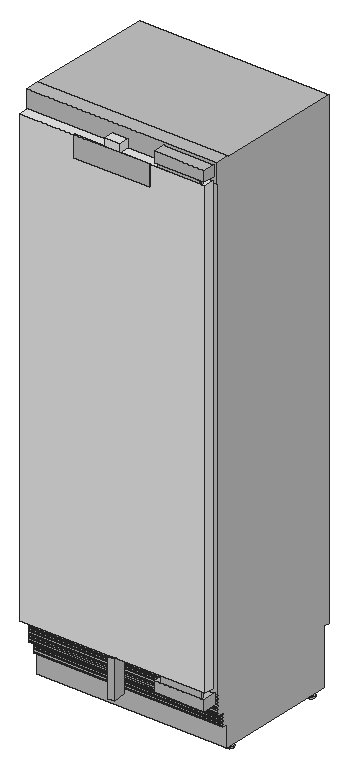
Revit family "FP_Revit_18_RS3084SR1_Fridge_90001078A", category Specialty Equipment, Revit 2018
Family settings
  Round Connector Dimension = Use Diameter
  Part Type = Normal
  OmniClass Number = 23.40.40.11.11
  OmniClass Title = Refrigerators and Freezers
  Work Plane-Based = No
  Always vertical = Yes
  Cut with Voids When Loaded = Yes
  Shared = No
  Room Calculation Point = No
Parameters (values of type "RS3084SRK1")
  Visibility - Water Connection = no
  Visibility - Visibility Control Note = yes
  Visibility - Clearance Required = yes
  URL = "www.fisherpaykel.com"
  Stainless Steel Door Panels (RD3484R4D) = no
  Product - Width = 756 mm  # constant formula
  Product - Height = 2134 mm  # constant formula
  Product - Depth (exl front panel) = 610 mm  # constant formula
  Model = "RS3084SRK1"
  Material - Handle = Fisher & Paykel - Aluminium
  Material - Door Structure = Fisher & Paykel - White
  Material - Door Front = Fisher & Paykel - Stainless Steel
  Material - Body = Fisher & Paykel - Grey
  Manufacturer = "Fisher & Paykel Appliances"
  Handle Style - Professional Square (AHV2-RD84) = no
  Handle Style - Professional Round (AHC-RD84) = no
  Handle Style - Contemporary Square (AHD3-RD84) = no
  Handle Style - Contemporary Round (AHS-RD84) = no
  Description = "30\" Integrated Column Refrigerator, stainless steel interior"
  Connector Description - Water = "Water Supply not required"
  Connector Description - Electrical = "120 V, 10 amp fused electrical supply"
  Cavity - Width = 762 mm  # constant formula
  Cavity - Height = 2134 mm  # constant formula
  Cavity - Depth = 635 mm  # constant formula
Types (4, lengths in mm): name | Visibility - Water Connection | Model | Description | Connector Description - Water
  (no name) | no | "RS3084SRK1" | "30\" Integrated Column Refrigerator, stainless steel interior" | "Water Supply not required"
  RS3084SRK1 | no | "RS3084SRK1" | "30\" Integrated Column Refrigerator, stainless steel interior" | "Water Supply not required"
  RS3084SRHK1 | yes | "RS3084SRHK1" | "30\" Integrated Column Refrigerator with internal water, stainless steel interior" | "1/4\" (6mm) comp. stainless steel braided hose"
  RS3084SR1 | no | "RS3084SR1" | "30\" Integrated Column Refrigerator, white interior" | "Water Supply not required"
Reference planes
  plane 1 "Datum": y = 0
  plane 2: z = 0
  plane 3 "Center (Left/Right)": x = 0
  plane 4 "Product LHS": x = -378
  plane 5 "Product RHS": x = 378
  plane 6 "Product - Depth": y = 610
  plane 7 "Cavity LHS": x = -381
  plane 8 "Cavity RHS": x = 381
  plane 9 "Cavity - Depth": y = 612.9
  plane 10 "Handle Offset": x = -315
  plane 11 "Product Height": z = 2134
  plane 12 "Cavity Height": z = 2134
  plane 13 "Door Panel Datum": y = -4.1
Forms (mm)
  Extrusion 1, solid, material "Fisher & Paykel - Grey" <- "Material - Body", detail levels fine
    sketch origin (0, 0, 0) x (0, 1, 0) y (0, 0, 1)
      loop
        line (100.1, 19.1) -> (587.9, 19.1) -> (587.9, 239.7) -> (610, 239.7) -> (610, 2131.9) -> (105.1, 2131.9) -> (105.1, 2134) -> (49.9, 2134) -> (49.9, 2059) -> (56, 2059) -> (56, 228.6) -> (59.5, 228.6) -> (59.5, 219.7) -> (56.5, 219.7) -> (56.5, 215.9) -> (59.5, 215.9) -> (59.5, 207) -> (56.5, 207) -> (56.5, 203.2) -> (59.5, 203.2) -> (59.5, 194.3) -> (56.5, 194.3) -> (56.5, 190.5) -> (59.5, 190.5) -> (59.5, 181.6) -> (56.5, 181.6) -> (56.5, 177.8) -> (59.5, 177.8) -> (59.5, 168.9) -> (56.5, 168.9) -> (56.5, 165.1) -> (59.5, 165.1) -> (59.5, 156.2) -> (56.5, 156.2) -> (56.5, 152.4) -> (84.1, 152.4) -> (84.1, 143.5) -> (81.1, 143.5) -> (81.1, 139.7) -> (84.1, 139.7) -> (84.1, 130.8) -> (81.1, 130.8) -> (81.1, 127) -> (84.1, 127) -> (84.1, 118.1) -> (81.1, 118.1) -> (81.1, 114.3) -> (84.1, 114.3) -> (84.1, 105.4) -> (81.1, 105.4) -> (81.1, 101.6) -> (100.1, 101.6) -> (100.1, 19.1)
    from -378 to 378
  Extrusion 2, solid, material "Fisher & Paykel - Grey" <- "Material - Body"
    sketch origin (0, 0, 0) x (1, 0, 0) y (0, 1, 0)
      loop
        circle (-357.5, 547.8) r 4.1
      loop
        circle (-357.5, 141.8) r 4.1
      loop
        circle (357.5, 547.8) r 4.1
      loop
        circle (357.5, 141.8) r 4.1
    from 3 to 19.1
  Extrusion 3, solid, material "Fisher & Paykel - Grey" <- "Material - Body"
    sketch origin (0, 0, 0) x (1, 0, 0) y (0, 1, 0)
      loop
        circle (-357.5, 547.8) r 14.5
      loop
        circle (-357.5, 141.8) r 14.555
      loop
        circle (357.5, 547.8) r 14.5
      loop
        circle (357.5, 141.8) r 14.555
    from 0 to 3
  Extrusion 4, solid, material "Fisher & Paykel - Grey" <- "Material - Body", detail levels fine
    sketch origin (0, 0, 0) x (1, 0, 0) y (0, 1, 0)
      loop
        line (-7.5, 49) -> (-13.797, -4.1) -> (13.797, -4.1) -> (7.5, 49) -> (-7.5, 49)
    from 104.2 to 254.2
  Extrusion 5, solid, material "Fisher & Paykel - Grey" <- "Material - Body", detail levels fine
    sketch origin (0, 0, 0) x (0, 1, 0) y (0, 0, 1)
      loop
        line (0, 2070.6) -> (0, 1988.6) -> (2, 1988.6) -> (2, 2068.6) -> (4, 2068.6) -> (4, 2070.6) -> (0, 2070.6)
    from -150 to 150
  Extrusion 6, solid, material "Fisher & Paykel - Grey" <- "Material - Body"
    sketch origin (0, 0, 0) x (1, 0, 0) y (0, 0, 1)
      loop
        circle (303, 119.813) r 5
      loop
        circle (-303, 119.813) r 5
    from -590 to -587.9
  Extrusion 7, solid, material "Fisher & Paykel - White" <- "Material - Door Structure"
    sketch origin (0, 0, 0) x (1, 0, 0) y (0, 1, 0)
      loop
        line (-353, 56) -> (-353, 42) -> (353, 42) -> (353, 56) -> (-353, 56)
    from 269.6 to 2030.7
  Extrusion 8, solid, material "Fisher & Paykel - White" <- "Material - Door Structure"
    sketch origin (0, 0, 0) x (1, 0, 0) y (0, 1, 0)
      loop
        line (-369.4, 42) -> (-369.4, 3) -> (369.4, 3) -> (369.4, 42) -> (-369.4, 42)
    from 254.2 to 2068.6
  Extrusion 9, solid, material "Fisher & Paykel - White" <- "Material - Door Structure", detail levels fine
    sketch origin (0, 0, 0) x (1, 0, 0) y (0, 0, 1)
      loop
        line (-29.5, 2100.1) -> (-29.5, 2068.6) -> (29.5, 2068.6) -> (29.5, 2100.1) -> (-29.5, 2100.1)
    from -42 to -3
  Extrusion 10, solid, material "Fisher & Paykel - Stainless Steel" <- "Material - Door Front", visible <- "Stainless Steel Door Panels (RD3484R4D)"
    sketch origin (0, 0, 0) x (0, 1, 0) y (0, 0, 1)
      loop
        line (-22.1, 2130.8) -> (-22.1, 102) -> (-4.1, 102) -> (-4.1, 2130.8) -> (-22.1, 2130.8)
    from -378 to 378
  Extrusion 11, solid, material "Fisher & Paykel - Grey" <- "Material - Body", detail levels coarse+medium
    sketch origin (0, 0, 0) x (0, 1, 0) y (0, 0, 1)
      loop
        line (49.9, 2134) -> (49.9, 2059) -> (56, 2059) -> (56, 152.4) -> (81.1, 152.4) -> (81.1, 101.6) -> (100.1, 101.6) -> (100.1, 19.1) -> (587.9, 19.1) -> (587.9, 239.7) -> (610, 239.7) -> (610, 2134) -> (49.9, 2134)
    from -378 to 378
  Extrusion 12, solid, material "Fisher & Paykel - Grey" <- "Material - Body", detail levels fine
    sketch origin (0, 0, -4) x (0, 1, 0) y (0, 0, 1)
      loop
        arc (163.888, 23.1) -> (180.4, 13.63) -> (196.912, 23.1) r 19.13
        line (196.912, 23.1) -> (163.888, 23.1)
      loop
        arc (493.888, 23.1) -> (510.4, 13.63) -> (526.912, 23.1) r 19.13
        line (526.912, 23.1) -> (493.888, 23.1)
    from 191 to 219
  Extrusion 13, solid, material "Fisher & Paykel - Grey" <- "Material - Body", detail levels fine
    sketch origin (0, 0, -4) x (0, 1, 0) y (0, 0, -1)
      loop
        line (163.888, -23.1) -> (196.912, -23.1)
        arc (196.912, -23.1) -> (180.4, -13.63) -> (163.888, -23.1) r 19.13
      loop
        line (493.888, -23.1) -> (526.912, -23.1)
        arc (526.912, -23.1) -> (510.4, -13.63) -> (493.888, -23.1) r 19.13
    from 191 to 219
  Extrusion 14, solid, material "Fisher & Paykel - Clearance Required", visible <- "Visibility - Clearance Required", detail levels coarse
    sketch origin (0, 0, 0) x (1, 0, 0) y (0, 1, 0)
      loop
        line (-381, 612.9) -> (-381, -4.1) -> (381, -4.1) -> (381, 612.9) -> (-381, 612.9)
    from 0 to 2134
  Extrusion 15, void
    sketch origin (0, 0, 0) x (1, 0, 0) y (0, 1, 0)
      loop
        line (-381, 612.9) -> (-381, -22.1) -> (381, -22.1) -> (381, 612.9) -> (-381, 612.9)
    from 0 to 2134
  Extrusion 16, solid, material "Fisher & Paykel - Grey" <- "Material - Body", detail levels fine
    sketch origin (73, 0, 0) x (1, 0, 0) y (0, 0, 1)
      loop
        line (118.4, 254.2) -> (118.4, 229.75) -> (282.9, 229.75) -> (282.9, 254.2) -> (118.4, 254.2)
      loop
        line (106, 2081.05) -> (106, 2068.6) -> (282.9, 2068.6) -> (282.9, 2076.05) -> (242.9, 2081.05) -> (106, 2081.05)
    from -7 to -4
  Extrusion 17, solid, material "Fisher & Paykel - Clearance Required", visible <- "Visibility - Clearance Required", detail levels coarse
    sketch origin (0, 0, 0) x (1, 0, 0) y (0, 1, 0)
      loop
        line (-328.5, -22.1) -> (-378, -22.1)
        arc (-378, -22.1) -> (-22.015, -691.951) -> (734.604, -746.289) r 783.517
        line (734.604, -746.289) -> (712.602, -698.95) -> (738.875, -686.699)
        arc (738.875, -686.699) -> (747.815, -662.136) -> (723.252, -653.196) r 18.483
        line (723.252, -653.196) -> (697.006, -665.395) -> (415.915, -60.616)
        arc (415.915, -60.616) -> (380.992, -57.074) -> (378, -22.1) r 27.5
        line (378, -22.1) -> (-328.5, -22.1)
    from 0 to 2134
  Extrusion 18, solid, material "Fisher & Paykel - Grey" <- "Material - Body", detail levels fine
    sketch origin (0, 0, 0) x (1, 0, 0) y (0, 0, 1)
      loop
        line (366.4, 2123.15) -> (168.42, 2123.15) -> (168.42, 2081.05) -> (366.4, 2081.05) -> (366.4, 2123.15)
    from -49 to -2.5
  Extrusion 19, solid, material "Fisher & Paykel - Grey" <- "Material - Body", detail levels fine
    sketch origin (0, 0, 0) x (1, 0, 0) y (0, 0, 1)
      loop
        line (366.4, 187.65) -> (366.4, 229.75) -> (168.42, 229.75) -> (168.42, 187.65) -> (366.4, 187.65)
    from -56 to -2.5
Lines and regions (mm)
  model lines, style "Fisher & Paykel"
    curve 1: line (-378, -4.1, 2130.8) -> (378, -4.1, 2130.8)
    curve 2: line (-378, -4.1, 102) -> (-378, -4.1, 2130.8)
    curve 3: line (378, -4.1, 102) -> (-378, -4.1, 102)
    curve 4: line (378, -4.1, 2130.8) -> (378, -4.1, 102)
Text (mm)
  text "Due to ongoing product development, product details are subject to change without notice. \nPlease always refer to www.fisherpaykel.com for the most current product information. \n© Fisher & Paykel 2020" at (41.04, -848.295, 0), in view "Ref. Level (Plan)"
Dimensions and locks
  equal spacing: plane 4 "Product LHS", plane 3 "Center (Left/Right)", plane 5 "Product RHS"
  "Product - Width": plane 4 "Product LHS" to plane 5 "Product RHS"
  "Product - Depth (exl front panel)": plane 1 "Datum" to plane 6 "Product - Depth"
  equal spacing: plane 7 "Cavity LHS", plane 3 "Center (Left/Right)", plane 8 "Cavity RHS"
  "Cavity - Width": plane 7 "Cavity LHS" to plane 8 "Cavity RHS"
  plane 4 "Product LHS" to Extrusion 2 sketch curve = 24.6 mm
  plane 4 "Product LHS" to plane 10 "Handle Offset" = 63 mm
  Extrusion 6 sketch curve to Extrusion 1 = 119.887 mm  (x2)
  Extrusion 6 sketch curve to plane 5 "Product RHS" = 75 mm
  plane 4 "Product LHS" to Extrusion 6 sketch curve = 75 mm
  Extrusion 1 sketch curve to Extrusion 1 sketch curve = 82.5 mm
  Extrusion 1 sketch curve to Extrusion 1 sketch curve = 209.5 mm
  Extrusion 1 sketch curve to Extrusion 1 sketch curve = 220.6 mm
  Extrusion 3 to level = 3 mm
  Extrusion 11 to Extrusion 8 = 235.1 mm
  Extrusion 11 to Extrusion 7 = 250.5 mm
  Extrusion 11 to Extrusion 11 = 2114.9 mm
  Extrusion 11 to Extrusion 10 = 82.9 mm
  "Product - Height": level to plane 11 "Product Height"
  plane 11 "Product Height" to Extrusion 10 = 3.2 mm
  Extrusion 8 to plane 11 "Product Height" = 65.4 mm
  Extrusion 7 to plane 11 "Product Height" = 103.3 mm
  Extrusion 11 sketch curve to plane 11 "Product Height" = 75 mm
  Extrusion 1 sketch curve to plane 11 "Product Height" = 2.1 mm
  Extrusion 1 sketch curve to plane 11 "Product Height" = 75 mm
  "Cavity - Height": plane 12 "Cavity Height" to level
  plane 1 "Datum" to Extrusion 14 = 612.9 mm
  plane 1 "Datum" to Extrusion 15 = 612.9 mm
  Extrusion 16 sketch curve to Extrusion 16 sketch curve = 40 mm
  Extrusion 16 sketch curve to plane 3 "Center (Left/Right)" = 179 mm
  Extrusion 16 sketch curve to Extrusion 16 sketch curve = 176.9 mm
  Extrusion 16 sketch curve to plane 3 "Center (Left/Right)" = 191.4 mm
  plane 3 "Center (Left/Right)" to Extrusion 16 sketch curve = 355.9 mm
  Extrusion 17 to plane 1 "Datum" = 22.1 mm
  "Cavity - Depth": plane 9 "Cavity - Depth" to Extrusion 17
  radius of Extrusion 6 sketch curve = 5 mm
  aligned and locked: level to plane 2
  aligned and locked: Extrusion 10 to plane 5 "Product RHS"
  aligned and locked: plane 4 "Product LHS" to Extrusion 10
  aligned and locked: Extrusion 11 to plane 5 "Product RHS"
  aligned and locked: Extrusion 11 to plane 4 "Product LHS"
  aligned and locked: Extrusion 11 sketch curve to plane 11 "Product Height"
  aligned and locked: plane 11 "Product Height" to Extrusion 1 sketch curve
  aligned and locked: Extrusion 12 sketch curve to Extrusion 12 sketch curve
  aligned and locked: Extrusion 13 sketch curve to Extrusion 13 sketch curve
  aligned and locked: Extrusion 1 to plane 5 "Product RHS"
  aligned and locked: plane 4 "Product LHS" to Extrusion 1
  aligned and locked: Extrusion 11 sketch curve to Extrusion 1  (x4)
  aligned and locked: Extrusion 2 to Extrusion 1
  aligned and locked: nested 2 to plane 10 "Handle Offset"
  aligned and locked: nested 3 to plane 10 "Handle Offset"
  aligned and locked: nested 4 to plane 10 "Handle Offset"
  aligned and locked: nested 5 to plane 10 "Handle Offset"
Automatic sketch dimensions
  Extrusion 1 sketch curve to plane 6 "Product - Depth" = 0 mm
  Extrusion 1 sketch curve to Extrusion 1 sketch curve = 22.1 mm
  Extrusion 1 sketch curve to plane 1 "Datum" = 105.1 mm
  level to Extrusion 1 sketch curve = 19.1 mm
  Extrusion 1 sketch curve to plane 1 "Datum" = 100.1 mm
  Extrusion 1 sketch curve to Extrusion 1 sketch curve = 16 mm
  Extrusion 1 sketch curve to Extrusion 1 sketch curve = 0 mm  (x8)
  Extrusion 1 sketch curve to Extrusion 1 sketch curve = 3 mm  (x10)
  Extrusion 1 sketch curve to plane 1 "Datum" = 59.5 mm
  Extrusion 1 sketch curve to plane 1 "Datum" = 56 mm
  Extrusion 1 sketch curve to plane 1 "Datum" = 49.9 mm
  Extrusion 1 sketch curve to Extrusion 1 sketch curve = 3.8 mm  (x10)
  Extrusion 1 sketch curve to Extrusion 1 sketch curve = 8.9 mm  (x9)
  Extrusion 2 sketch curve to plane 4 "Product LHS" = 20.5 mm  (x2)
  plane 5 "Product RHS" to Extrusion 2 sketch curve = 20.5 mm  (x2)
  Extrusion 2 sketch curve to plane 1 "Datum" = 141.8 mm  (x2)
  Extrusion 2 sketch curve to plane 6 "Product - Depth" = 62.2 mm  (x2)
  Extrusion 3 sketch curve to plane 4 "Product LHS" = 20.5 mm  (x2)
  plane 5 "Product RHS" to Extrusion 3 sketch curve = 20.5 mm  (x2)
  Extrusion 3 sketch curve to plane 1 "Datum" = 141.8 mm  (x2)
  Extrusion 3 sketch curve to plane 6 "Product - Depth" = 62.2 mm  (x2)
  plane 1 "Datum" to Extrusion 4 sketch curve = 4.1 mm
  Extrusion 4 sketch curve to plane 3 "Center (Left/Right)" = 13.797 mm
  Extrusion 4 sketch curve to plane 3 "Center (Left/Right)" = 7.5 mm
  plane 3 "Center (Left/Right)" to Extrusion 4 sketch curve = 7.5 mm
  plane 3 "Center (Left/Right)" to Extrusion 4 sketch curve = 13.797 mm
  Extrusion 4 sketch curve to plane 1 "Datum" = 49 mm
  Extrusion 5 sketch curve to plane 1 "Datum" = 0 mm
  Extrusion 5 sketch curve to plane 1 "Datum" = 2 mm
  Extrusion 5 sketch curve to Extrusion 5 sketch curve = 2 mm  (x2)
  plane 11 "Product Height" to Extrusion 5 sketch curve = 145.4 mm
  plane 11 "Product Height" to Extrusion 5 sketch curve = 65.4 mm
  Extrusion 7 sketch curve to plane 4 "Product LHS" = 25 mm
  plane 5 "Product RHS" to Extrusion 7 sketch curve = 25 mm
  Extrusion 7 sketch curve to plane 1 "Datum" = 42 mm
  Extrusion 7 sketch curve to Extrusion 7 sketch curve = 14 mm
  Extrusion 8 sketch curve to plane 1 "Datum" = 3 mm
  Extrusion 8 sketch curve to plane 4 "Product LHS" = 8.6 mm
  plane 5 "Product RHS" to Extrusion 8 sketch curve = 8.6 mm
  Extrusion 8 sketch curve to Extrusion 8 sketch curve = 39 mm
  Extrusion 9 sketch curve to plane 3 "Center (Left/Right)" = 29.5 mm
  plane 3 "Center (Left/Right)" to Extrusion 9 sketch curve = 29.5 mm
  plane 11 "Product Height" to Extrusion 9 sketch curve = 65.4 mm
  Extrusion 9 sketch curve to Extrusion 9 sketch curve = 31.5 mm
  plane 1 "Datum" to Extrusion 10 sketch curve = 22.1 mm
  plane 1 "Datum" to Extrusion 10 sketch curve = 4.1 mm
  level to Extrusion 10 sketch curve = 102 mm
  plane 11 "Product Height" to Extrusion 10 sketch curve = 3.2 mm
  Extrusion 11 sketch curve to plane 6 "Product - Depth" = 0 mm
  Extrusion 11 sketch curve to plane 6 "Product - Depth" = 22.1 mm
  Extrusion 11 sketch curve to plane 1 "Datum" = 100.1 mm
  Extrusion 11 sketch curve to Extrusion 11 sketch curve = 19 mm
  Extrusion 11 sketch curve to plane 1 "Datum" = 56 mm
  Extrusion 11 sketch curve to plane 1 "Datum" = 49.9 mm
  Extrusion 11 sketch curve to Extrusion 11 sketch curve = 50.8 mm
  level to Extrusion 12 sketch curve = 19.1 mm
  Extrusion 12 sketch curve to plane 1 "Datum" = 163.888 mm
  Extrusion 12 sketch curve to Extrusion 12 sketch curve = 16.512 mm  (x2)
  Extrusion 12 sketch curve to plane 6 "Product - Depth" = 116.112 mm
  Extrusion 12 sketch curve to Extrusion 12 sketch curve = 9.66 mm  (x2)
  level to Extrusion 13 sketch curve = 19.1 mm
  Extrusion 13 sketch curve to plane 1 "Datum" = 163.888 mm
  Extrusion 13 sketch curve to Extrusion 13 sketch curve = 16.512 mm  (x2)
  Extrusion 13 sketch curve to plane 6 "Product - Depth" = 116.112 mm
  Extrusion 13 sketch curve to Extrusion 13 sketch curve = 9.66 mm  (x2)
  Extrusion 14 sketch curve to plane 7 "Cavity LHS" = 0 mm
  Extrusion 14 sketch curve to plane 8 "Cavity RHS" = 0 mm
  Extrusion 14 sketch curve to plane 9 "Cavity - Depth" = 0 mm
  plane 1 "Datum" to Extrusion 14 sketch curve = 4.1 mm
  Extrusion 15 sketch curve to plane 7 "Cavity LHS" = 0 mm
  Extrusion 15 sketch curve to plane 8 "Cavity RHS" = 0 mm
  Extrusion 15 sketch curve to plane 9 "Cavity - Depth" = 0 mm
  plane 1 "Datum" to Extrusion 15 sketch curve = 22.1 mm
  level to Extrusion 16 sketch curve = 229.75 mm
  Extrusion 16 sketch curve to Extrusion 16 sketch curve = 24.45 mm
  plane 11 "Product Height" to Extrusion 16 sketch curve = 65.4 mm
  Extrusion 16 sketch curve to Extrusion 16 sketch curve = 7.45 mm
  Extrusion 16 sketch curve to Extrusion 16 sketch curve = 5 mm
  Extrusion 17 sketch curve to plane 4 "Product LHS" = 0 mm
  plane 10 "Handle Offset" to Extrusion 17 sketch curve = 13.5 mm
  plane 5 "Product RHS" to Extrusion 17 sketch curve = 0 mm
  Extrusion 17 sketch curve to plane 8 "Cavity RHS" = 19.59 mm
  Extrusion 17 sketch curve to Extrusion 17 sketch curve = 4.816 mm
  Extrusion 17 sketch curve to Extrusion 17 sketch curve = 10.509 mm
  Extrusion 17 sketch curve to plane 8 "Cavity RHS" = 316.006 mm
  Extrusion 17 sketch curve to Extrusion 17 sketch curve = 15.596 mm
  Extrusion 17 sketch curve to Extrusion 17 sketch curve = 26.246 mm
  Extrusion 17 sketch curve to Extrusion 17 sketch curve = 7.811 mm  (x2)
  Extrusion 17 sketch curve to Extrusion 17 sketch curve = 22.003 mm
  plane 1 "Datum" to Extrusion 17 sketch curve = 746.289 mm
  Extrusion 17 sketch curve to Extrusion 17 sketch curve = 47.339 mm
  Extrusion 17 sketch curve to Extrusion 17 sketch curve = 12.251 mm
  Extrusion 17 sketch curve to Extrusion 17 sketch curve = 16.751 mm
  Extrusion 17 sketch curve to Extrusion 17 sketch curve = 12.199 mm
  Extrusion 17 sketch curve to Extrusion 17 sketch curve = 22.833 mm
  plane 11 "Product Height" to Extrusion 18 sketch curve = 10.85 mm
  plane 3 "Center (Left/Right)" to Extrusion 18 sketch curve = 168.42 mm
  plane 5 "Product RHS" to Extrusion 18 sketch curve = 11.6 mm
  Extrusion 18 sketch curve to Extrusion 18 sketch curve = 42.1 mm
  plane 3 "Center (Left/Right)" to Extrusion 19 sketch curve = 168.42 mm
  plane 5 "Product RHS" to Extrusion 19 sketch curve = 11.6 mm
  level to Extrusion 19 sketch curve = 187.65 mm
  Extrusion 19 sketch curve to Extrusion 19 sketch curve = 42.1 mm
  plane 5 "Product RHS" to curve 1 = 0 mm
  plane 4 "Product LHS" to curve 3 = 0 mm
  level to curve 3 = 102 mm
  plane 11 "Product Height" to curve 2 = 3.2 mm
  radius of Extrusion 2 sketch curve = 4.1 mm  (x3)
  radius of Extrusion 3 sketch curve = 14.5 mm  (x2)
  radius of Extrusion 3 sketch curve = 14.555 mm  (x2)
  radius of Extrusion 6 sketch curve = 5 mm
Nested families
  nested 1: "Visibility Control Note 18" at (0, 0, 0), visible <- "Visibility - Visibility Control Note", type "Visibility Control Note 18"
  nested 2: "Handle Contemporary Round - Vertical" at (-315, -22.1, 1242.58), visible <- "Handle Style - Contemporary Round (AHS-RD84)", type "AHS-RD84 - Contemporary round handle (Vertical) 852mm"
  nested 3: "Handle Contemporary Square - Vertical" at (-315, -22.1, 1242.58), visible <- "Handle Style - Contemporary Square (AHD3-RD84)", type "AHD3-RD84 - Contemporary square handle (Vertical) 852mm"
  nested 4: "Handle Professional Round - Vertical" at (-315, -22.1, 1242.58), visible <- "Handle Style - Professional Round (AHC-RD84)", type "AHC-RD84 - Professional round handle (Vertical) 786mm"
  nested 5: "Handle Professional Square - Vertical" at (-315, -22.1, 1242.58), visible <- "Handle Style - Professional Square (AHV2-RD84)", type "AHV2-RD84 - Professional square handle (Vertical) 792mm"
Connectors
  electrical at (-303, 590, 119.813), driven by "Connector Description - Electrical"
    settings: on Extrusion 6, index 1, voltage 120 V, apparent load 0 VA, apparent load phase1 0 VA, apparent load phase2 0 VA, apparent load phase3 0 VA, power factor 1, load classification "Other", number of poles 1, system type 30, power factor state 1, is connector primary yes, connector utility no, sub classification motor no, connector description "120 V, 10 amp fused electrical supply"
  piping at (303, 590, 119.813), diameter 12.7, driven by "Visibility - Water Connection", driven by "Connector Description - Water"
    settings: on Extrusion 6, index 2, connector inside diameter 609.6 mm, connector length 0 mm, flow factor 0, pipe flow 0.0 L/s, pressure drop 0.0 Pa, fitting loss kfactor 0, connector angle 0.00°, fixture units 0, engagement length 0 mm, angle of deflection 0.00°, flow configuration 0, flow direction 1, fitting loss method 0, system type 20, joint type 0, gender type 0, connector reference index -1, connector utility 0, adjustable connector no, is connector primary yes, connector description "Water Supply not required"
Definition of nested family "Handle Contemporary Round - Vertical"
  Parameters (values of type "AHSRS80A - Contemporary round handle (1 of 2) (Vertical) 727mm")
    URL = "www.fisherpaykel.com"
    Material - Handle = none
    Manufacturer = "Fisher & Paykel Appliances"
    Handle - Length = 727 mm
  Types (6, lengths in mm): name | Handle - Length
    AHS-RD21 - Contemporary round handle (Vertical) 852mm | 852
    AHSRD2484W - Contemporary round handle (1 of 2) (Vertical) 727mm | 727
    AHSRD3084W - Contemporary round handle (1 of 2) (Vertical) 727mm | 727
    AHS-RD84 - Contemporary round handle (Vertical) 852mm | 852
    AHSRS3272A - Contemporary round handle (1 of 2) (Vertical) 727mm | 727
    AHSRS80A - Contemporary round handle (1 of 2) (Vertical) 727mm | 727
  Reference planes
    plane 1 "Center (Front/Back)": y = 0
    plane 2: z = 0
    plane 3 "Center (Left/Right)": x = 0
    plane 4 "Top": z = 363.5
    plane 5 "Bottom": z = -363.5
    plane 6 "Top Standoff": z = 243.5
    plane 7 "Bottom Standoff": z = -243.5
  Forms (mm)
    Extrusion 1, solid, material <- "Material - Handle"
      sketch origin (0, 0, 0) x (1, 0, 0) y (0, 1, 0)
        loop
          circle (0, -32.3) r 8.7
      from -243.5 to 243.5
    Extrusion 2, solid, material <- "Material - Handle", detail levels fine
      sketch origin (0, 0, 0) x (1, 0, 0) y (0, 1, 0)
        loop
          line (-8.7, 0) -> (-8.7, -32.3)
          arc (-8.7, -32.3) -> (0, -41) -> (8.7, -32.3) r 8.7
          line (8.7, -32.3) -> (8.7, 0) -> (-8.7, 0)
      from 243.5 to 363.5
    Extrusion 3, solid, material <- "Material - Handle", detail levels fine
      sketch origin (0, 0, 0) x (1, 0, 0) y (0, 1, 0)
        loop
          line (-8.7, 0) -> (-8.7, -32.3)
          arc (-8.7, -32.3) -> (0, -41) -> (8.7, -32.3) r 8.7
          line (8.7, -32.3) -> (8.7, 0) -> (-8.7, 0)
      from -363.5 to -243.5
    Sweep 4, void
      path in 3D
        loop
          line (8.7, 0, -363.5) -> (8.7, -32.3, -363.5)
          arc (8.7, -32.3, -363.5) -> (0, -41, -363.5) -> (-8.7, -32.3, -363.5) r 8.7
          line (-8.7, -32.3, -363.5) -> (-8.7, 0, -363.5)
      profile origin (8.7, -16.15, -363.5) x (-1, 0, 0) y (0, 0, -1)
        loop
          line (0, 0) -> (0, -1) -> (1, 0) -> (0, 0)
    Sweep 5, void
      path in 3D
        loop
          line (-8.7, 0, 363.5) -> (-8.7, -32.3, 363.5)
          arc (-8.7, -32.3, 363.5) -> (0, -41, 363.5) -> (8.7, -32.3, 363.5) r 8.7
          line (8.7, -32.3, 363.5) -> (8.7, 0, 363.5)
      profile origin (8.7, -16.15, 363.5) x (-1, 0, 0) y (0, 0, 1)
        loop
          line (0, 0) -> (0, -1) -> (1, 0) -> (0, 0)
    Extrusion 6, solid, material <- "Material - Handle", detail levels coarse+medium
      sketch origin (0, 0, 0) x (1, 0, 0) y (0, 1, 0)
        loop
          line (-8.7, 0) -> (-8.7, -32.3)
          arc (-8.7, -32.3) -> (0, -41) -> (8.7, -32.3) r 8.7
          line (8.7, -32.3) -> (8.7, 0) -> (-8.7, 0)
      from 243.5 to 363.5
    Extrusion 7, solid, material <- "Material - Handle", detail levels coarse+medium
      sketch origin (0, 0, 0) x (1, 0, 0) y (0, 1, 0)
        loop
          line (-8.7, 0) -> (-8.7, -32.3)
          arc (-8.7, -32.3) -> (0, -41) -> (8.7, -32.3) r 8.7
          line (8.7, -32.3) -> (8.7, 0) -> (-8.7, 0)
      from -363.5 to -243.5
  Cuts and joins
    Sweep 4 cuts Extrusion 3
    Sweep 5 cuts Extrusion 2
  Lines and regions (mm)
    sketch lines
      curve 1: line (8.7, 0, -363.5) -> (8.7, -32.3, -363.5)
      curve 2: arc (-8.7, -32.3, -363.5) -> (0, -41, -363.5) -> (8.7, -32.3, -363.5) r 8.7
      curve 3: line (-8.7, -32.3, -363.5) -> (-8.7, 0, -363.5)
      curve 4: line (8.7, -32.3, 363.5) -> (8.7, 0, 363.5)
      curve 5: arc (8.7, -32.3, 363.5) -> (0, -41, 363.5) -> (-8.7, -32.3, 363.5) r 8.7
      curve 6: line (-8.7, 0, 363.5) -> (-8.7, -32.3, 363.5)
  Dimensions and locks
    equal spacing: plane 4 "Top", level, plane 5 "Bottom"
    "Handle - Length": plane 4 "Top" to plane 5 "Bottom"
    locked: plane 4 "Top" to plane 6 "Top Standoff" at 120
    locked: plane 7 "Bottom Standoff" to plane 5 "Bottom" at 120
    Extrusion 2 sketch curve to Extrusion 2 sketch curve = 17.4 mm
    Extrusion 3 sketch curve to Extrusion 3 sketch curve = 17.4 mm
    Extrusion 6 sketch curve to Extrusion 6 sketch curve = 17.4 mm
    Extrusion 7 sketch curve to Extrusion 7 sketch curve = 17.4 mm
    aligned and locked: level to plane 2
    aligned and locked: plane 4 "Top" to Extrusion 2
    aligned and locked: Extrusion 3 to plane 5 "Bottom"
    aligned and locked: plane 7 "Bottom Standoff" to Extrusion 3
    aligned and locked: Extrusion 1 to plane 7 "Bottom Standoff"
    aligned and locked: plane 6 "Top Standoff" to Extrusion 1
    aligned and locked: Extrusion 2 to Extrusion 1
    aligned and locked: Extrusion 6 to Extrusion 1
    aligned and locked: plane 4 "Top" to Extrusion 6
    aligned and locked: Extrusion 7 to Extrusion 1
    aligned and locked: Extrusion 7 to plane 5 "Bottom"
  Automatic sketch dimensions
    Extrusion 1 sketch curve to plane 3 "Center (Left/Right)" = 0 mm
    plane 1 "Center (Front/Back)" to Extrusion 1 sketch curve = 32.3 mm
    plane 1 "Center (Front/Back)" to Extrusion 2 sketch curve = 0 mm
    Extrusion 2 sketch curve to plane 3 "Center (Left/Right)" = 0 mm
    Extrusion 2 sketch curve to plane 3 "Center (Left/Right)" = 8.7 mm
    plane 1 "Center (Front/Back)" to Extrusion 2 sketch curve = 32.3 mm
    plane 1 "Center (Front/Back)" to Extrusion 3 sketch curve = 0 mm
    Extrusion 3 sketch curve to plane 3 "Center (Left/Right)" = 0 mm
    Extrusion 3 sketch curve to plane 3 "Center (Left/Right)" = 8.7 mm
    plane 1 "Center (Front/Back)" to Extrusion 3 sketch curve = 32.3 mm
    Sweep 4 sketch curve to profile plane = 0 mm  (x2)
    Sweep 4 sketch curve to profile plane = 1 mm  (x2)
    Sweep 5 sketch curve to profile plane = 0 mm  (x2)
    Sweep 5 sketch curve to profile plane = 1 mm  (x2)
    Extrusion 6 sketch curve to plane 3 "Center (Left/Right)" = 0 mm
    Extrusion 6 sketch curve to plane 3 "Center (Left/Right)" = 8.7 mm
    plane 1 "Center (Front/Back)" to Extrusion 6 sketch curve = 32.3 mm
    Extrusion 6 sketch curve to Extrusion 6 sketch curve = 32.3 mm
    Extrusion 7 sketch curve to plane 3 "Center (Left/Right)" = 0 mm
    Extrusion 7 sketch curve to plane 3 "Center (Left/Right)" = 8.7 mm
    plane 1 "Center (Front/Back)" to Extrusion 7 sketch curve = 32.3 mm
    Extrusion 7 sketch curve to Extrusion 7 sketch curve = 32.3 mm
    radius of Extrusion 1 sketch curve = 8.7 mm
Definition of nested family "Handle Contemporary Square - Vertical"
  Parameters (values of type "AHD3RS80A - Contemporary square handle (1 of 2) (Vertical) 727mm")
    URL = "www.fisherpaykel.com"
    Material - Handle = none
    Manufacturer = "Fisher & Paykel Appliances"
    Handle - Length = 727 mm
  Types (7, lengths in mm): name | Handle - Length
    (no name) | 727
    AHD3-RD21 - Contemporary square handle (Vertical) 852mm | 852
    AHD3RD2484W - Contemporary square handle (1 of 2) (Vertical) 727mm | 727
    AHD3RD3084W - Contemporary square handle (1 of 2) (Vertical) 727mm | 727
    AHD3-RD84 - Contemporary square handle (Vertical) 852mm | 852
    AHD3RS3272A - Contemporary square handle (1 of 2) (Vertical) 727mm | 727
    AHD3RS80A - Contemporary square handle (1 of 2) (Vertical) 727mm | 727
  Reference planes
    plane 1 "Center (Front/Back)": y = 0
    plane 2: z = 0
    plane 3 "Center (Left/Right)": x = 0
    plane 4 "Top": z = 363.5
    plane 5 "Bottom": z = -363.5
    plane 6 "Top Standoff": z = 243.5
    plane 7 "Bottom Standoff": z = -243.5
  Forms (mm)
    Extrusion 1, solid, material <- "Material - Handle", detail levels fine
      sketch origin (0, 0, 0) x (1, 0, 0) y (0, 1, 0)
        loop
          arc (-7.583, -28.701) -> (-7.89, -29.057) -> (-8, -29.514) r 1
          line (-8, -29.514) -> (-8, -40.5)
          arc (-8, -40.5) -> (-7.561, -41.561) -> (-6.5, -42) r 1.5
          line (-6.5, -42) -> (6.5, -42)
          arc (6.5, -42) -> (7.561, -41.561) -> (8, -40.5) r 1.5
          line (8, -40.5) -> (8, -29.487)
          arc (8, -29.487) -> (7.889, -29.029) -> (7.58, -28.673) r 1
          arc (7.58, -28.673) -> (-0.006, -26.256) -> (-7.583, -28.701) r 13.038
      from -363.5 to 363.5
    Extrusion 2, solid, material <- "Material - Handle", detail levels fine
      sketch origin (0, 0, 0) x (1, 0, 0) y (0, 1, 0)
        loop
          arc (7.058, -28.23) -> (7.466, -28.244) -> (7.674, -27.893) r 0.4
          line (7.674, -27.893) -> (7.674, 0) -> (-7.674, 0) -> (-7.674, -27.86)
          arc (-7.674, -27.86) -> (-7.467, -28.21) -> (-7.06, -28.198) r 0.4
          arc (-7.06, -28.198) -> (0.004, -26.156) -> (7.058, -28.23) r 13.136
      from 243.5 to 363.5
    Extrusion 3, solid, material <- "Material - Handle", detail levels fine
      sketch origin (0, 0, 0) x (1, 0, 0) y (0, 1, 0)
        loop
          arc (7.058, -28.23) -> (7.466, -28.244) -> (7.674, -27.893) r 0.4
          line (7.674, -27.893) -> (7.674, 0) -> (-7.674, 0) -> (-7.674, -27.86)
          arc (-7.674, -27.86) -> (-7.467, -28.21) -> (-7.06, -28.198) r 0.4
          arc (-7.06, -28.198) -> (0.004, -26.156) -> (7.058, -28.23) r 13.136
      from -363.5 to -243.5
    Sweep 4, void
      path in 3D
        loop
          line (-8, -29.514, 363.5) -> (-8, -40.5, 363.5)
          arc (-8, -40.5, 363.5) -> (-7.561, -41.561, 363.5) -> (-6.5, -42, 363.5) r 1.5
          line (-6.5, -42, 363.5) -> (6.5, -42, 363.5)
          arc (6.5, -42, 363.5) -> (7.561, -41.561, 363.5) -> (8, -40.5, 363.5) r 1.5
          line (8, -40.5, 363.5) -> (8, -29.487, 363.5)
      profile origin (8, -34.994, 363.5) x (-1, 0, 0) y (0, 0, 1)
        loop
          line (0, 0) -> (0, -1.3) -> (1.3, 0) -> (0, 0)
    Sweep 5, void
      path in 3D
        loop
          line (8, -29.487, -363.5) -> (8, -40.5, -363.5)
          arc (8, -40.5, -363.5) -> (7.561, -41.561, -363.5) -> (6.5, -42, -363.5) r 1.5
          line (6.5, -42, -363.5) -> (-6.5, -42, -363.5)
          arc (-6.5, -42, -363.5) -> (-7.561, -41.561, -363.5) -> (-8, -40.5, -363.5) r 1.5
          line (-8, -40.5, -363.5) -> (-8, -29.514, -363.5)
      profile origin (8, -34.994, -363.5) x (-1, 0, 0) y (0, 0, -1)
        loop
          line (0, 0) -> (0, -1.3) -> (1.3, 0) -> (0, 0)
    Extrusion 6, void
      sketch origin (0, 0, 0) x (1, 0, 0) y (0, 0, 1)
        loop
          line (-8, -362.2) -> (-8, -363.5) -> (-6.7, -363.5) -> (-8, -362.2)
        loop
          line (8, -362.2) -> (6.7, -363.5) -> (8, -363.5) -> (8, -362.2)
      from 0 to 40
    Extrusion 7, void
      sketch origin (0, 0, 0) x (1, 0, 0) y (0, 0, 1)
        loop
          line (-8, 363.5) -> (-8, 362.2) -> (-6.7, 363.5) -> (-8, 363.5)
        loop
          line (8, 363.5) -> (6.7, 363.5) -> (8, 362.2) -> (8, 363.5)
      from 0 to 40
    Extrusion 8, solid, material <- "Material - Handle", detail levels coarse+medium
      sketch origin (0, 0, 0) x (0, 1, 0) y (0, 0, 1)
        loop
          line (0, 363.5) -> (-42, 363.5) -> (-42, -363.5) -> (0, -363.5) -> (0, -243.5) -> (-26.245, -243.5) -> (-26.245, 243.5) -> (0, 243.5) -> (0, 363.5)
      from -8 to 8
  Cuts and joins
    Sweep 4, Sweep 5, Extrusion 6, Extrusion 7 cuts Extrusion 1
    Extrusion 6 cuts Extrusion 3
    Extrusion 7 cuts Extrusion 2
  Lines and regions (mm)
    sketch lines
      curve 1: line (8, -40.5, 363.5) -> (8, -29.487, 363.5)
      curve 2: arc (8, -40.5, 363.5) -> (7.561, -41.561, 363.5) -> (6.5, -42, 363.5) r 1.5
      curve 3: line (-6.5, -42, 363.5) -> (6.5, -42, 363.5)
      curve 4: arc (-6.5, -42, 363.5) -> (-7.561, -41.561, 363.5) -> (-8, -40.5, 363.5) r 1.5
      curve 5: line (-8, -29.514, 363.5) -> (-8, -40.5, 363.5)
      curve 6: line (8, -29.487, -363.5) -> (8, -40.5, -363.5)
      curve 7: arc (6.5, -42, -363.5) -> (7.561, -41.561, -363.5) -> (8, -40.5, -363.5) r 1.5
      curve 8: line (6.5, -42, -363.5) -> (-6.5, -42, -363.5)
      curve 9: arc (-8, -40.5, -363.5) -> (-7.561, -41.561, -363.5) -> (-6.5, -42, -363.5) r 1.5
      curve 10: line (-8, -40.5, -363.5) -> (-8, -29.514, -363.5)
  Dimensions and locks
    equal spacing: plane 4 "Top", level, plane 5 "Bottom"
    "Handle - Length": plane 4 "Top" to plane 5 "Bottom"
    locked: plane 4 "Top" to plane 6 "Top Standoff" at 120
    locked: plane 7 "Bottom Standoff" to plane 5 "Bottom" at 120
    aligned and locked: level to plane 2
    aligned and locked: plane 4 "Top" to Extrusion 2
    aligned and locked: Extrusion 2 to plane 6 "Top Standoff"
    aligned and locked: plane 4 "Top" to Extrusion 1
    aligned and locked: Extrusion 1 to plane 5 "Bottom"
    aligned and locked: Extrusion 3 to plane 5 "Bottom"
    aligned and locked: plane 7 "Bottom Standoff" to Extrusion 3
    aligned and locked: plane 4 "Top" to Extrusion 8 sketch curve
    aligned and locked: plane 6 "Top Standoff" to Extrusion 8 sketch curve
    aligned and locked: plane 7 "Bottom Standoff" to Extrusion 8 sketch curve
    aligned and locked: plane 5 "Bottom" to Extrusion 8 sketch curve
    aligned and locked: plane 1 "Center (Front/Back)" to Extrusion 8 sketch curve  (x2)
  Automatic sketch dimensions
    Extrusion 1 sketch curve to plane 3 "Center (Left/Right)" = 8 mm
    Extrusion 1 sketch curve to Extrusion 1 sketch curve = 1 mm  (x2)
    Extrusion 1 sketch curve to Extrusion 1 sketch curve = 1.5 mm
    plane 3 "Center (Left/Right)" to Extrusion 1 sketch curve = 0.018 mm
    plane 3 "Center (Left/Right)" to Extrusion 1 sketch curve = 6.5 mm
    plane 3 "Center (Left/Right)" to Extrusion 1 sketch curve = 7 mm
    plane 1 "Center (Front/Back)" to Extrusion 1 sketch curve = 42 mm
    Extrusion 1 sketch curve to Extrusion 1 sketch curve = 1.206 mm
    Extrusion 1 sketch curve to Extrusion 1 sketch curve = 10.986 mm
    Extrusion 1 sketch curve to Extrusion 1 sketch curve = 11.013 mm
    Extrusion 1 sketch curve to Extrusion 1 sketch curve = 0 mm
    plane 1 "Center (Front/Back)" to Extrusion 2 sketch curve = 0 mm
    Extrusion 2 sketch curve to plane 3 "Center (Left/Right)" = 7.674 mm
    Extrusion 2 sketch curve to Extrusion 2 sketch curve = 0.4 mm  (x2)
    Extrusion 2 sketch curve to plane 3 "Center (Left/Right)" = 0.026 mm
    plane 3 "Center (Left/Right)" to Extrusion 2 sketch curve = 7.274 mm
    plane 1 "Center (Front/Back)" to Extrusion 2 sketch curve = 27.86 mm
    Extrusion 2 sketch curve to Extrusion 2 sketch curve = 0.033 mm
    Extrusion 2 sketch curve to Extrusion 2 sketch curve = 11.398 mm
    Extrusion 2 sketch curve to Extrusion 2 sketch curve = 0 mm
    plane 1 "Center (Front/Back)" to Extrusion 3 sketch curve = 0 mm
    Extrusion 3 sketch curve to Extrusion 3 sketch curve = 0.4 mm  (x2)
    Extrusion 3 sketch curve to Extrusion 3 sketch curve = 7.248 mm
    Extrusion 3 sketch curve to Extrusion 3 sketch curve = 7.3 mm
    plane 1 "Center (Front/Back)" to Extrusion 3 sketch curve = 27.86 mm
    Extrusion 3 sketch curve to Extrusion 3 sketch curve = 0.033 mm
    Extrusion 3 sketch curve to Extrusion 3 sketch curve = 11.398 mm
    Extrusion 3 sketch curve to Extrusion 3 sketch curve = 0 mm
    Sweep 4 sketch curve to profile plane = 0 mm  (x2)
    Sweep 4 sketch curve to profile plane = 1.3 mm  (x2)
    Sweep 5 sketch curve to profile plane = 0 mm  (x2)
    Sweep 5 sketch curve to profile plane = 1.3 mm  (x2)
    Extrusion 6 sketch curve to plane 5 "Bottom" = 0 mm  (x2)
    plane 5 "Bottom" to Extrusion 6 sketch curve = 1.3 mm  (x2)
    Extrusion 6 sketch curve to plane 3 "Center (Left/Right)" = 8 mm
    Extrusion 6 sketch curve to Extrusion 6 sketch curve = 1.3 mm  (x2)
    plane 3 "Center (Left/Right)" to Extrusion 6 sketch curve = 8 mm
    Extrusion 7 sketch curve to plane 4 "Top" = 0 mm  (x2)
    Extrusion 7 sketch curve to plane 3 "Center (Left/Right)" = 8 mm
    Extrusion 7 sketch curve to Extrusion 7 sketch curve = 1.3 mm  (x2)
    plane 3 "Center (Left/Right)" to Extrusion 7 sketch curve = 8 mm
    Extrusion 7 sketch curve to plane 4 "Top" = 1.3 mm  (x2)
    plane 1 "Center (Front/Back)" to Extrusion 8 sketch curve = 26.245 mm
    plane 1 "Center (Front/Back)" to Extrusion 8 sketch curve = 42 mm
    Extrusion 3 sketch curve to plane 3 "Center (Left/Right)" = 7.674 mm
Definition of nested family "Handle Professional Round - Vertical"
  Parameters (values of type "AHCRD2484W - Professional round handle (1 of 2) (Vertical) 661mm")
    URL = "www.fisherpaykel.com"
    Material - Standoff = none
    Material - Handle = none
    Manufacturer = "Fisher & Paykel Appliances"
    Handle - Length = 661 mm
  Types (5, lengths in mm): name | Handle - Length
    (no name) | 661
    AHCRD2484W - Professional round handle (1 of 2) (Vertical) 661mm | 661
    AHCRD3084W - Professional round handle (1 of 2) (Vertical) 661mm | 661
    AHC-RD84 - Professional round handle (Vertical) 786mm | 786
    AHCRS3272A - Professional round handle (1 of 2) (Vertical) 661mm | 661
  Reference planes
    plane 1 "Center (Front/Back)": y = 0
    plane 2: z = 0
    plane 3 "Center (Left/Right)": x = 0
    plane 4 "Top": z = 330.5
    plane 5 "Bottom": z = -330.5
    plane 6 "Top Standoff": z = 286.5
    plane 7 "Bottom Standoff": z = -286.5
  Forms (mm)
    Extrusion 1, solid, material <- "Material - Standoff", detail levels fine
      sketch origin (0, 0, 0) x (1, 0, 0) y (0, 1, 0)
        loop
          line (-18.5, 0) -> (-18.5, -39.4)
          arc (-18.5, -39.4) -> (0, -57.9) -> (18.5, -39.4) r 18.5
          line (18.5, -39.4) -> (18.5, 0) -> (-18.5, 0)
      from 286.5 to 330.5
    Extrusion 2, solid, material <- "Material - Standoff", detail levels fine
      sketch origin (0, 0, 0) x (1, 0, 0) y (0, 1, 0)
        loop
          line (-18.5, 0) -> (-18.5, -39.4)
          arc (-18.5, -39.4) -> (0, -57.9) -> (18.5, -39.4) r 18.5
          line (18.5, -39.4) -> (18.5, 0) -> (-18.5, 0)
      from -330.5 to -286.5
    Extrusion 3, solid, material <- "Material - Handle"
      sketch origin (0, 0, 0) x (1, 0, 0) y (0, 1, 0)
        loop
          circle (0, -39.4) r 12.7
      from -286.5 to 286.5
    Sweep 4, void
      path in 3D
        loop
          line (-18.5, 0, 330.5) -> (-18.5, -39.4, 330.5)
          arc (-18.5, -39.4, 330.5) -> (0, -57.9, 330.5) -> (18.5, -39.4, 330.5) r 18.5
          line (18.5, -39.4, 330.5) -> (18.5, 0, 330.5)
      profile origin (18.5, -19.7, 330.5) x (-1, 0, 0) y (0, 0, 1)
        loop
          line (0, 0) -> (0, -3) -> (3, 0) -> (0, 0)
    Sweep 5, void
      path in 3D
        loop
          line (18.5, 0, -330.5) -> (18.5, -39.4, -330.5)
          arc (18.5, -39.4, -330.5) -> (0, -57.9, -330.5) -> (-18.5, -39.4, -330.5) r 18.5
          line (-18.5, -39.4, -330.5) -> (-18.5, 0, -330.5)
      profile origin (18.5, -19.7, -330.5) x (-1, 0, 0) y (0, 0, -1)
        loop
          line (0, 0) -> (0, -3) -> (3, 0) -> (0, 0)
    Extrusion 6, solid, material <- "Material - Standoff", detail levels coarse+medium
      sketch origin (0, 0, 0) x (1, 0, 0) y (0, 1, 0)
        loop
          line (-18.5, 0) -> (-18.5, -39.4)
          arc (-18.5, -39.4) -> (0, -57.9) -> (18.5, -39.4) r 18.5
          line (18.5, -39.4) -> (18.5, 0) -> (-18.5, 0)
      from 286.5 to 330.5
    Extrusion 7, solid, material <- "Material - Standoff", detail levels coarse+medium
      sketch origin (0, 0, 0) x (1, 0, 0) y (0, 1, 0)
        loop
          line (-18.5, 0) -> (-18.5, -39.4)
          arc (-18.5, -39.4) -> (0, -57.9) -> (18.5, -39.4) r 18.5
          line (18.5, -39.4) -> (18.5, 0) -> (-18.5, 0)
      from -330.5 to -286.5
  Cuts and joins
    Sweep 4 cuts Extrusion 1
    Sweep 5 cuts Extrusion 2
  Lines and regions (mm)
    sketch lines
      curve 1: line (18.5, -39.4, 330.5) -> (18.5, 0, 330.5)
      curve 2: arc (18.5, -39.4, 330.5) -> (0, -57.9, 330.5) -> (-18.5, -39.4, 330.5) r 18.5
      curve 3: line (-18.5, 0, 330.5) -> (-18.5, -39.4, 330.5)
      curve 4: line (18.5, 0, -330.5) -> (18.5, -39.4, -330.5)
      curve 5: arc (-18.5, -39.4, -330.5) -> (0, -57.9, -330.5) -> (18.5, -39.4, -330.5) r 18.5
      curve 6: line (-18.5, -39.4, -330.5) -> (-18.5, 0, -330.5)
  Dimensions and locks
    equal spacing: plane 4 "Top", level, plane 5 "Bottom"
    "Handle - Length": plane 4 "Top" to plane 5 "Bottom"
    plane 4 "Top" to plane 6 "Top Standoff" = 44 mm
    plane 7 "Bottom Standoff" to plane 5 "Bottom" = 44 mm
    aligned and locked: level to plane 2
    aligned and locked: plane 4 "Top" to Extrusion 1
    aligned and locked: Extrusion 1 to plane 6 "Top Standoff"
    aligned and locked: Extrusion 2 to plane 5 "Bottom"
    aligned and locked: plane 7 "Bottom Standoff" to Extrusion 2
    aligned and locked: plane 6 "Top Standoff" to Extrusion 3
    aligned and locked: Extrusion 3 to plane 7 "Bottom Standoff"
    aligned and locked: plane 4 "Top" to Extrusion 6
    aligned and locked: Extrusion 7 to plane 5 "Bottom"
    aligned and locked: plane 7 "Bottom Standoff" to Extrusion 7
    aligned and locked: Extrusion 6 to plane 6 "Top Standoff"
  Automatic sketch dimensions
    plane 1 "Center (Front/Back)" to Extrusion 1 sketch curve = 0 mm
    Extrusion 1 sketch curve to plane 3 "Center (Left/Right)" = 0 mm
    Extrusion 1 sketch curve to plane 3 "Center (Left/Right)" = 18.5 mm
    plane 1 "Center (Front/Back)" to Extrusion 1 sketch curve = 39.4 mm
    plane 1 "Center (Front/Back)" to Extrusion 2 sketch curve = 0 mm
    Extrusion 2 sketch curve to plane 3 "Center (Left/Right)" = 0 mm
    Extrusion 2 sketch curve to plane 3 "Center (Left/Right)" = 18.5 mm
    plane 1 "Center (Front/Back)" to Extrusion 2 sketch curve = 39.4 mm
    Extrusion 3 sketch curve to plane 3 "Center (Left/Right)" = 0 mm
    plane 1 "Center (Front/Back)" to Extrusion 3 sketch curve = 39.4 mm
    Sweep 4 sketch curve to profile plane = 0 mm  (x2)
    Sweep 4 sketch curve to profile plane = 3 mm  (x2)
    Sweep 5 sketch curve to profile plane = 0 mm  (x2)
    Sweep 5 sketch curve to profile plane = 3 mm  (x2)
    Extrusion 6 sketch curve to plane 3 "Center (Left/Right)" = 0 mm
    Extrusion 6 sketch curve to plane 3 "Center (Left/Right)" = 18.5 mm
    plane 1 "Center (Front/Back)" to Extrusion 6 sketch curve = 39.4 mm
    Extrusion 6 sketch curve to Extrusion 6 sketch curve = 39.4 mm
    Extrusion 7 sketch curve to plane 3 "Center (Left/Right)" = 0 mm
    Extrusion 7 sketch curve to plane 3 "Center (Left/Right)" = 18.5 mm
    plane 1 "Center (Front/Back)" to Extrusion 7 sketch curve = 39.4 mm
    Extrusion 7 sketch curve to Extrusion 7 sketch curve = 39.4 mm
    radius of Extrusion 3 sketch curve = 12.7 mm
Definition of nested family "Handle Professional Square - Vertical"
  Parameters (values of type "AHV2RS3272A - Professional square handle (1 of 2) (Vertical) 727mm")
    URL = "www.fisherpaykel.com"
    Material - Handle = none
    Manufacturer = "Fisher & Paykel Appliances"
    Handle - Length = 727 mm
  Types (5, lengths in mm): name | Handle - Length
    (no name) | 727
    AHV2RD2484W - Professional square handle (1 of 2) (Vertical) 727mm | 727
    AHV2RD3084W - Professional square handle (1 of 2) (Vertical) 727mm | 727
    AHV2-RD84 - Professional square handle (Vertical) 792mm | 792
    AHV2RS3272A - Professional square handle (1 of 2) (Vertical) 727mm | 727
  Reference planes
    plane 1 "Center (Front/Back)": y = 0
    plane 2: z = 0
    plane 3 "Center (Left/Right)": x = 0
    plane 4 "Top": z = 363.5
    plane 5 "Bottom": z = -363.5
    plane 6 "Top Standoff": z = 313.5
    plane 7 "Bottom Standoff": z = -313.5
  Forms (mm)
    Extrusion 1, solid, material <- "Material - Handle", detail levels fine
      sketch origin (0, 0, 0) x (0, 1, 0) y (0, 0, 1)
        loop
          line (0, 363.5) -> (-40, 363.5)
          arc (-40, 363.5) -> (-47.071, 360.571) -> (-50, 353.5) r 10
          line (-50, 353.5) -> (-50, 313.5) -> (0, 313.5) -> (0, 363.5)
        loop
          line (0, -363.5) -> (0, -313.5) -> (-50, -313.5) -> (-50, -353.5)
          arc (-50, -353.5) -> (-47.071, -360.571) -> (-40, -363.5) r 10
          line (-40, -363.5) -> (0, -363.5)
      from -17.5 to 17.5
    Sweep 2, void
      path in 3D
        loop
          line (17.5, 0, 363.5) -> (17.5, -40, 363.5)
          arc (17.5, -40, 363.5) -> (17.5, -47.071, 360.571) -> (17.5, -50, 353.5) r 10
          line (17.5, -50, 353.5) -> (17.5, -50, 313.5)
      profile origin (17.5, -20, 363.5) x (1, 0, 0) y (0, 0, 1)
        loop
          line (0, 0) -> (-2.5, 0) -> (0, -2.5) -> (0, 0)
    Sweep 3, void
      path in 3D
        loop
          line (-17.5, -50, 313.5) -> (-17.5, -50, 353.5)
          arc (-17.5, -50, 353.5) -> (-17.5, -47.071, 360.571) -> (-17.5, -40, 363.5) r 10
          line (-17.5, -40, 363.5) -> (-17.5, 0, 363.5)
      profile origin (-17.5, -20, 363.5) x (-1, 0, 0) y (0, 0, 1)
        loop
          line (0, 0) -> (-2.5, 0) -> (0, -2.5) -> (0, 0)
    Sweep 4, void
      path in 3D
        loop
          line (17.5, -50, -313.5) -> (17.5, -50, -353.5)
          arc (17.5, -50, -353.5) -> (17.5, -47.071, -360.571) -> (17.5, -40, -363.5) r 10
          line (17.5, -40, -363.5) -> (17.5, 0, -363.5)
      profile origin (17.5, -20, -363.5) x (1, 0, 0) y (0, 0, -1)
        loop
          line (0, 0) -> (-2.5, 0) -> (0, -2.5) -> (0, 0)
    Sweep 5, void
      path in 3D
        loop
          line (-17.5, 0, -363.5) -> (-17.5, -40, -363.5)
          arc (-17.5, -40, -363.5) -> (-17.5, -47.071, -360.571) -> (-17.5, -50, -353.5) r 10
          line (-17.5, -50, -353.5) -> (-17.5, -50, -313.5)
      profile origin (-17.5, -20, -363.5) x (-1, 0, 0) y (0, 0, -1)
        loop
          line (0, 0) -> (-2.5, 0) -> (0, -2.5) -> (0, 0)
    Extrusion 6, solid, material <- "Material - Handle", detail levels fine
      sketch origin (0, 0, 0) x (1, 0, 0) y (0, 1, 0)
        loop
          line (-15.5, -36.737) -> (-15.5, -46.422) -> (-14.172, -47.75) -> (14.172, -47.75) -> (15.5, -46.422) -> (15.5, -36.737)
          arc (15.5, -36.737) -> (0, -32.25) -> (-15.5, -36.737) r 29.013
      from -313.5 to 313.5
    Extrusion 7, solid, material <- "Material - Handle", detail levels coarse+medium
      sketch origin (0, 0, 0) x (0, 1, 0) y (0, 0, 1)
        loop
          line (0, 363.5) -> (-40, 363.5)
          arc (-40, 363.5) -> (-47.071, 360.571) -> (-50, 353.5) r 10
          line (-50, 353.5) -> (-50, -353.5)
          arc (-50, -353.5) -> (-47.071, -360.571) -> (-40, -363.5) r 10
          line (-40, -363.5) -> (0, -363.5) -> (0, -313.5) -> (-31.95, -313.5) -> (-31.95, 313.5) -> (0, 313.5) -> (0, 363.5)
      from -17.5 to 17.5
  Cuts and joins
    Sweep 2, Sweep 3, Sweep 4, Sweep 5 cuts Extrusion 1
  Lines and regions (mm)
    sketch lines
      curve 1: line (17.5, 0, 363.5) -> (17.5, -40, 363.5)
      curve 2: arc (17.5, -50, 353.5) -> (17.5, -47.071, 360.571) -> (17.5, -40, 363.5) r 10
      curve 3: line (17.5, -50, 353.5) -> (17.5, -50, 313.5)
      curve 4: line (-17.5, -40, 363.5) -> (-17.5, 0, 363.5)
      curve 5: arc (-17.5, -40, 363.5) -> (-17.5, -47.071, 360.571) -> (-17.5, -50, 353.5) r 10
      curve 6: line (-17.5, -50, 313.5) -> (-17.5, -50, 353.5)
      curve 7: line (17.5, -40, -363.5) -> (17.5, 0, -363.5)
      curve 8: arc (17.5, -40, -363.5) -> (17.5, -47.071, -360.571) -> (17.5, -50, -353.5) r 10
      curve 9: line (17.5, -50, -313.5) -> (17.5, -50, -353.5)
      curve 10: line (-17.5, 0, -363.5) -> (-17.5, -40, -363.5)
      curve 11: arc (-17.5, -50, -353.5) -> (-17.5, -47.071, -360.571) -> (-17.5, -40, -363.5) r 10
      curve 12: line (-17.5, -50, -353.5) -> (-17.5, -50, -313.5)
  Dimensions and locks
    equal spacing: plane 4 "Top", level, plane 5 "Bottom"
    "Handle - Length": plane 4 "Top" to plane 5 "Bottom"
    plane 7 "Bottom Standoff" to plane 5 "Bottom" = 50 mm
    plane 4 "Top" to plane 6 "Top Standoff" = 50 mm
    aligned and locked: level to plane 2
    aligned and locked: plane 4 "Top" to Extrusion 1 sketch curve
    aligned and locked: plane 5 "Bottom" to Extrusion 1 sketch curve
    aligned and locked: Extrusion 1 sketch curve to plane 1 "Center (Front/Back)"
    aligned and locked: plane 1 "Center (Front/Back)" to Extrusion 1 sketch curve
    aligned and locked: plane 6 "Top Standoff" to Extrusion 1 sketch curve
    aligned and locked: plane 7 "Bottom Standoff" to Extrusion 1 sketch curve
    aligned and locked: plane 6 "Top Standoff" to Extrusion 6
    aligned and locked: Extrusion 6 to plane 7 "Bottom Standoff"
    aligned and locked: plane 4 "Top" to Extrusion 7 sketch curve
    aligned and locked: plane 6 "Top Standoff" to Extrusion 7 sketch curve
    aligned and locked: plane 1 "Center (Front/Back)" to Extrusion 7 sketch curve
    aligned and locked: plane 7 "Bottom Standoff" to Extrusion 7 sketch curve
    aligned and locked: plane 5 "Bottom" to Extrusion 7 sketch curve
    aligned and locked: Extrusion 7 sketch curve to plane 1 "Center (Front/Back)"
  Automatic sketch dimensions
    Sweep 2 sketch curve to profile plane = 0 mm
    profile plane to Sweep 2 sketch curve = 0 mm
    profile plane to Sweep 2 sketch curve = 2.5 mm
    Sweep 2 sketch curve to profile plane = 2.5 mm
    Sweep 3 sketch curve to profile plane = 0 mm  (x2)
    profile plane to Sweep 3 sketch curve = 2.5 mm
    Sweep 3 sketch curve to profile plane = 2.5 mm
    Sweep 4 sketch curve to profile plane = 0 mm
    profile plane to Sweep 4 sketch curve = 0 mm
    profile plane to Sweep 4 sketch curve = 2.5 mm
    Sweep 4 sketch curve to profile plane = 2.5 mm
    Sweep 5 sketch curve to profile plane = 0 mm  (x2)
    profile plane to Sweep 5 sketch curve = 2.5 mm
    Sweep 5 sketch curve to profile plane = 2.5 mm
    plane 1 "Center (Front/Back)" to Extrusion 1 sketch curve = 40 mm  (x2)
    Extrusion 1 sketch curve to Extrusion 1 sketch curve = 10 mm  (x2)
    Extrusion 6 sketch curve to plane 3 "Center (Left/Right)" = 0 mm
    Extrusion 6 sketch curve to Extrusion 6 sketch curve = 1.328 mm  (x4)
    plane 1 "Center (Front/Back)" to Extrusion 6 sketch curve = 61.263 mm
    Extrusion 6 sketch curve to Extrusion 6 sketch curve = 13.513 mm
    Extrusion 6 sketch curve to Extrusion 6 sketch curve = 9.684 mm  (x2)
    Extrusion 6 sketch curve to plane 3 "Center (Left/Right)" = 14.172 mm
    plane 1 "Center (Front/Back)" to Extrusion 7 sketch curve = 31.95 mm
    plane 1 "Center (Front/Back)" to Extrusion 7 sketch curve = 40 mm  (x2)
    Extrusion 7 sketch curve to plane 4 "Top" = 10 mm
Definition of nested family "Visibility Control Note 18"
  Types (3): name
    New
    Resolved
    Active
  Reference planes
    plane 1: y = 0
    plane 2: x = 0
  Text (mm)
    text "Edit Type: \nTo control handle kit \nand door panel visibility\n options\n\nDelete unwanted kits \nto reduce file size" at (-0.165, 35.556, 0)
